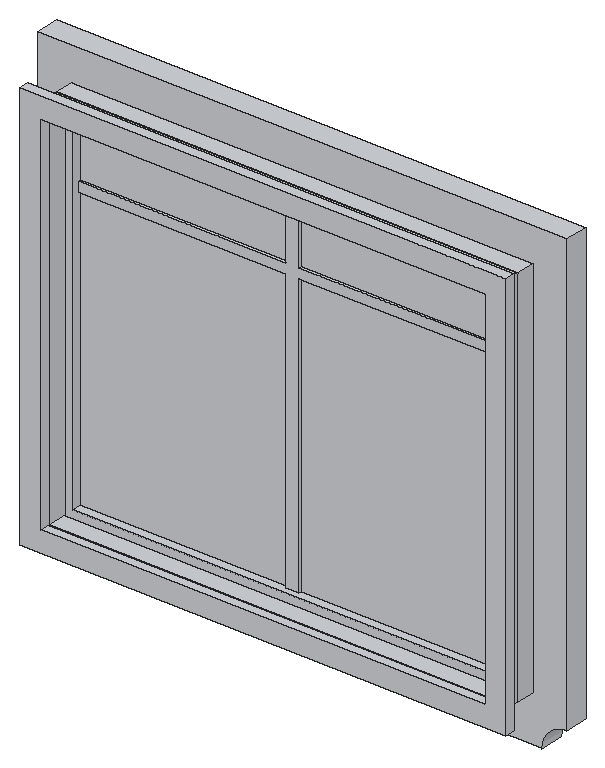
Revit family "Windows", category Windows, host Wall, Revit 2012
Parameters (values of type "(1.80m x 1.50m) Kitchen")
  Architrave = yes
  Single Window = no
  Rough Width = Width  # 1800 mm
  Rough Height = Height + Default Sill Height  # 2400 mm
  Double window = yes
  Glass = none
  Height = 1500 mm
  Frame = none
  Default Sill Height = 900 mm
  Trim Exterior = none
  Trim Interior = none
  Architrave.Exterior = 80 mm
  Architrave.Interior = 40 mm
  Architrave.Width.Exterior = 150 mm
  Architrave.Width.Interior = 80 mm
  Wall Closure = By host
  Width = 1800 mm
  Window Inset = 30 mm
  Case_Height = 1200 mm
Types (4, lengths in mm): name | Single Window | Rough Width | Rough Height | Double window | Height | Default Sill Height | Width | Case_Height
  (0.90m x 1.80m) Single | yes | 900 | 2400 | no | 1800 | 600 | 900 | 1500
  (1.80m x 1.80m) Double | no | 1800 | 2400 | yes | 1800 | 600 | 1800 | 1500
  (0.90m x 0.60m) Bathroom | no | 900 | 2100 | no | 600 | 1500 | 900 | 400
  (1.80m x 1.50m) Kitchen | no | 1800 | 2400 | yes | 1500 | 900 | 1800 | 1200
Reference planes
  plane 1: y = 0
  plane 2: z = 0
  plane 3 "Center": x = 0
  plane 4 "Left": x = -900
  plane 5 "Right": x = 900
  plane 6 "Sill": z = 900
  plane 7 "Top": z = 2400
  plane 8: y = 76.2
  plane 9: y = -76.2
  plane 10: y = 46.2
  plane 11 "Top": z = 2508.025
  plane 12: x = -880.95
  plane 13: x = -868.25
  plane 14: x = -1030.95
  plane 15: x = -948.25
  plane 16: x = 868.25
  plane 17: x = 880.95
  plane 18: x = 948.25
  plane 19: x = 1030.95
  plane 20: z = 2530.95
  plane 21: z = 2448.25
  plane 22: z = 2380.95
  plane 23: z = 2368.25
  plane 24: z = 931.75
  plane 25: z = 851.75
  plane 26 "Closure": y = 28.625
  plane 27: z = 2100
Forms (mm)
  Extrusion 1, solid, material <- "Frame"
    sketch origin (0, 0, 0) x (1, 0, 0) y (0, 0, 1)
      loop
        line (-900, 2400) -> (-900, 900) -> (900, 900) -> (900, 2400) -> (-900, 2400)
      loop
        line (-880.95, 2380.95) -> (-880.95, 919.05) -> (880.95, 919.05) -> (880.95, 2380.95) -> (-880.95, 2380.95)
    from -76.2 to -1.75
  Extrusion 2, solid, material <- "Frame"
    sketch origin (0, 0, 0) x (-1, 0, 0) y (0, 0, 1)
      loop
        line (-900, 2400) -> (-900, 900) -> (900, 900) -> (900, 2400) -> (-900, 2400)
      loop
        line (-868.25, 2368.25) -> (-868.25, 931.75) -> (868.25, 931.75) -> (868.25, 2368.25) -> (-868.25, 2368.25)
    from 1.75 to -76.2
  Extrusion 3, solid, material <- "Frame", visible <- "Single Window"
    sketch origin (0, 28.625, 0) x (-1, 0, 0) y (0, 0, 1)
      loop
        line (-836.5, 2100) -> (-836.5, 2060.5) -> (836.5, 2060.5) -> (836.5, 2100) -> (-836.5, 2100)
    from 0 to 40
  Extrusion 4, solid, material <- "Glass"
    sketch origin (0, 28.625, 0) x (-1, 0, 0) y (0, 0, 1)
      loop
        line (836.5, 2336.5) -> (-836.5, 2336.5) -> (-836.5, 963.5) -> (836.5, 963.5) -> (836.5, 2336.5)
    from 10 to 20
  Extrusion 5, solid, material <- "Trim Exterior", visible <- "Architrave"
    sketch origin (0, 0, 0) x (1, 0, 0) y (0, 0, 1)
      loop
        line (-868.25, 2368.25) -> (-868.25, 931.75) -> (868.25, 931.75) -> (868.25, 2368.25) -> (-868.25, 2368.25)
      loop
        line (-948.25, 2448.25) -> (-948.25, 851.75) -> (948.25, 851.75) -> (948.25, 2448.25) -> (-948.25, 2448.25)
    from 76.2 to 116.2
  Extrusion 6, solid, material <- "Trim Exterior", visible <- "Architrave"
    sketch origin (0, 28.625, 0) x (-1, 0, 0) y (0, 0, 1)
      loop
        line (-880.95, 2380.95) -> (880.95, 2380.95) -> (880.95, 919.05) -> (1030.95, 919.05) -> (1030.95, 2530.95) -> (-1030.95, 2530.95) -> (-1030.95, 919.05) -> (-880.95, 919.05) -> (-880.95, 2380.95)
    from 47.575 to 127.575
  Extrusion 7, solid, material <- "Trim Exterior", visible <- "Architrave"
    sketch origin (0, 28.625, 0) x (-1, 0, 0) y (0, 0, 1)
      loop
        line (-1030.95, 919.05) -> (-1030.95, 813.65)
        arc (-1030.95, 813.65) -> (-963.492, 785.708) -> (-935.55, 718.25) r 95.4
        line (-935.55, 718.25) -> (935.55, 718.25)
        arc (935.55, 718.25) -> (963.492, 785.708) -> (1030.95, 813.65) r 95.4
        line (1030.95, 813.65) -> (1030.95, 919.05) -> (-1030.95, 919.05)
    from 47.575 to 140.275
  Extrusion 8, solid, material <- "Trim Exterior", visible <- "Architrave"
    sketch origin (0, 28.625, 0) x (-1, 0, 0) y (0, 0, 1)
      loop
        line (-1030.95, 2530.95) -> (-1030.95, 919.05) -> (-1005.55, 919.05) -> (-1005.55, 2505.55) -> (1005.55, 2505.55) -> (1005.55, 919.05) -> (1030.95, 919.05) -> (1030.95, 2530.95) -> (-1030.95, 2530.95)
    from 127.6 to 140.3
  Extrusion 9, solid, material <- "Frame", visible <- "Double window"
    sketch origin (0, 28.625, 0) x (-1, 0, 0) y (0, 0, 1)
      loop
        line (25, 963.5) -> (25, 2060.5) -> (836.5, 2060.5) -> (836.5, 2100) -> (25, 2100) -> (25, 2336.5) -> (-25, 2336.5) -> (-25, 2100) -> (-836.5, 2100) -> (-836.5, 2060.5) -> (-25, 2060.5) -> (-25, 963.5) -> (25, 963.5)
    from 0 to 40
  Extrusion 10, solid, material <- "Frame"
    sketch origin (0, 28.625, 0) x (-1, 0, 0) y (0, 0, 1)
      loop
        line (-880.95, 2380.95) -> (-880.95, 919.05) -> (880.95, 919.05) -> (880.95, 2380.95) -> (-880.95, 2380.95)
      loop
        line (-836.5, 963.5) -> (836.5, 963.5) -> (836.5, 2336.5) -> (-836.5, 2336.5) -> (-836.5, 963.5)
    from -26.875 to 47.575
Cuts and joins
  joined: Extrusion 5, Extrusion 6, Extrusion 7, Extrusion 8
Lines and regions (mm)
  Opening 1
    outline origin (-1524, -76.2, 0) x (1, 0, 0) y (0, 0, 1)
      loop
        line (624, 2400) -> (624, 900) -> (2424, 900) -> (2424, 2400) -> (624, 2400)
  Masking region 1, visible <- "Architrave"
    outline origin (0, 0, 0) x (1, 0, 0) y (0, 1, 0)
      loop
        line (-1030.95, 152.4) -> (-1030.95, 76.2) -> (-900, 76.2) -> (-900, -76.2) -> (-948.25, -76.2) -> (-948.25, -116.2) -> (948.25, -116.2) -> (948.25, -76.2) -> (900, -76.2) -> (900, 76.2) -> (1030.95, 76.2) -> (1030.95, 152.4) -> (-1030.95, 152.4)
  symbolic lines, style "WindowsFrameMullionProjection"
    curve 1: line (-900, 76.2, 0) -> (-880.95, 76.2, 0)
    curve 2: line (-880.95, 1.75, 0) -> (-880.95, 76.2, 0)
    curve 3: line (-880.95, 1.75, 0) -> (-868.25, 1.75, 0)
    curve 4: line (-868.25, -76.2, 0) -> (-868.25, 1.75, 0)
    curve 5: line (900, 76.2, 0) -> (880.95, 76.2, 0)
    curve 6: line (868.25, 1.75, 0) -> (868.25, -76.2, 0)
    curve 7: line (868.25, 1.75, 0) -> (880.95, 1.75, 0)
    curve 8: line (880.95, 1.75, 0) -> (880.95, 76.2, 0)
    curve 9: line (-880.95, 46.2, 0) -> (-836.5, 46.2, 0)
    curve 10: line (-880.95, 46.2, 0) -> (-880.95, 1.75, 0)
    curve 11: line (-880.95, 1.75, 0) -> (-836.5, 1.75, 0)
    curve 12: line (-836.5, 46.2, 0) -> (-836.5, 1.75, 0)
    curve 13: line (880.95, 46.2, 0) -> (836.5, 46.2, 0)
    curve 14: line (880.95, 46.2, 0) -> (880.95, 1.75, 0)
    curve 15: line (880.95, 1.75, 0) -> (836.5, 1.75, 0)
    curve 16: line (836.5, 46.2, 0) -> (836.5, 1.75, 0)
    curve 18: line (-868.25, -76.2, 0) -> (-900, -76.2, 0)
    curve 19: line (868.25, -76.2, 0) -> (900, -76.2, 0)
  symbolic lines, style "WindowsGlassProjection"
    curve 17: line (-836.5, 28.575, 0) -> (836.5, 28.575, 0)
  symbolic lines, visible <- "Architrave"
    curve 20: line (-1030.95, 76.2, 0) -> (-1030.95, 152.4, 0)
    curve 21: line (-1030.95, 152.4, 0) -> (1030.95, 152.4, 0)
    curve 22: line (1030.95, 152.4, 0) -> (1030.95, 76.2, 0)
    curve 23: line (-900, 76.2, 0) -> (-900, 152.4, 0)
    curve 24: line (900, 76.2, 0) -> (900, 152.4, 0)
    curve 29: line (-868.25, -76.2, 0) -> (-868.25, -116.2, 0)
    curve 30: line (868.25, -76.2, 0) -> (868.25, -116.2, 0)
  symbolic lines, visible <- "Double window"
    curve 25: line (-25, 46.2, 0) -> (25, 46.2, 0)
    curve 26: line (25, 46.2, 0) -> (25, 1.75, 0)
    curve 27: line (-25, 46.2, 0) -> (-25, 1.75, 0)
    curve 28: line (-25, 1.75, 0) -> (25, 1.75, 0)
Text (mm)
  text "EXTERIOR" at (-1437.207, 772.553, 0), in view "Floor Line"
  text "INTERIOR" at (-1490.695, -608.643, 0), in view "Floor Line"
  text "Exterior" at (0, 1108.87, 3415.022), in view "Left"
  text "Exterior" at (0, 464.664, 3176.206), in view "Right"
Dimensions and locks
  equal spacing: plane 4 "Left", plane 3 "Center", plane 5 "Right"
  "Width": plane 4 "Left" to plane 5 "Right"
  plane 2 to plane 25 to plane 6 "Sill" to plane 7 "Top" to plane 11 "Top" = 851.75 mm, 48.25 mm, 1500 mm, 108.025 mm
  "Window Inset": plane 8 to plane 10
  plane 10 to Extrusion 3 = 17.575 mm
  plane 10 to Extrusion 4 = 7.575 mm
  Extrusion 4 to Extrusion 4 = 10 mm
  "Architrave.Interior": Extrusion 5 to Extrusion 5
  plane 6 "Sill" to Extrusion 3 to plane 11 "Top" = 1160.5 mm, 447.525 mm
  locked: Extrusion 7 to Extrusion 6 at 12.7
  "Architrave.Exterior": Extrusion 6 to Extrusion 6
  locked: plane 4 "Left" to plane 13 at 31.75
  locked: plane 16 to plane 5 "Right" at 31.75
  locked: plane 4 "Left" to plane 12 at 19.05
  locked: plane 17 to plane 5 "Right" at 19.05
  locked: plane 22 to plane 7 "Top" at 19.05
  "Architrave.Width.Exterior": plane 22 to plane 20
  "Architrave.Width.Exterior": plane 17 to plane 19
  "Architrave.Width.Exterior": plane 14 to plane 12
  locked: plane 7 "Top" to plane 23 at 31.75
  locked: plane 24 to plane 6 "Sill" at 31.75
  "Architrave.Width.Interior": plane 21 to plane 23
  "Architrave.Width.Interior": plane 24 to plane 25
  "Architrave.Width.Interior": plane 15 to plane 13
  "Architrave.Width.Interior": plane 16 to plane 18
  "Height": plane 7 "Top" to plane 6 "Sill"
  "Default Sill Height": plane 6 "Sill" to plane 2
  locked: plane 8 to plane 26 "Closure" at 47.575
  "Case_Height": plane 6 "Sill" to plane 27
  aligned and locked: Opening 1 sketch curve to plane 7 "Top"
  aligned and locked: plane 6 "Sill" to Opening 1 sketch curve
  aligned and locked: Opening 1 sketch curve to plane 6 "Sill"
  aligned and locked: plane 5 "Right" to Opening 1 sketch curve
  aligned and locked: plane 4 "Left" to Opening 1 sketch curve
  aligned and locked: plane 9 to host wall
  aligned and locked: host wall to Extrusion 2
  aligned and locked: plane 8 to host wall
  aligned and locked: host wall to Extrusion 1
  aligned and locked: Extrusion 2 to Extrusion 1
  aligned and locked: curve 5 to Extrusion 1  (x2)
  aligned and locked: Extrusion 2 to curve 6
  aligned and locked: curve 4 to Extrusion 2
  aligned and locked: Extrusion 1 to curve 11
  aligned and locked: Extrusion 1 to curve 7
  aligned and locked: Extrusion 5 sketch curve to Extrusion 2  (x4)
  aligned and locked: Extrusion 5 to host wall
  aligned and locked: Extrusion 7 sketch curve to Extrusion 6  (x2)
  aligned and locked: Extrusion 6 to host wall
  aligned and locked: Extrusion 7 to host wall
Automatic sketch dimensions
  curve 20 to plane 14 = 0 mm
  curve 23 to host wall = 0 mm
  curve 23 to plane 4 "Left" = 0 mm
  host wall to curve 18 = 0 mm
  curve 18 to plane 4 "Left" = 0 mm
  curve 11 to plane 12 = 0 mm
  curve 12 to plane 10 = 0 mm
  curve 8 to plane 17 = 0 mm
  host wall to curve 19 = 0 mm
  curve 19 to plane 5 "Right" = 0 mm
  curve 22 to host wall = 0 mm
  curve 22 to plane 19 = 0 mm
  curve 13 to plane 10 = 0 mm
  curve 20 to host wall = 0 mm
  curve 17 to plane 26 "Closure" = 0.05 mm
  curve 17 to plane 13 = 31.75 mm
  host wall to curve 21 = 76.2 mm
  plane 4 "Left" to Extrusion 1 sketch curve = 0 mm
  plane 12 to Extrusion 1 sketch curve = 0 mm
  plane 17 to Extrusion 1 sketch curve = 0 mm
  plane 5 "Right" to Extrusion 1 sketch curve = 0 mm
  Extrusion 1 sketch curve to plane 6 "Sill" = 0 mm
  Extrusion 1 sketch curve to plane 22 = 0 mm
  Extrusion 1 sketch curve to plane 7 "Top" = 0 mm
  plane 24 to Extrusion 1 sketch curve = 12.7 mm
  plane 5 "Right" to Extrusion 2 sketch curve = 0 mm
  plane 16 to Extrusion 2 sketch curve = 0 mm
  plane 13 to Extrusion 2 sketch curve = 0 mm
  plane 4 "Left" to Extrusion 2 sketch curve = 0 mm
  Extrusion 2 sketch curve to plane 6 "Sill" = 0 mm
  Extrusion 2 sketch curve to plane 24 = 0 mm
  Extrusion 2 sketch curve to plane 23 = 0 mm
  Extrusion 2 sketch curve to plane 7 "Top" = 0 mm
  plane 15 to Extrusion 5 sketch curve = 0 mm
  plane 18 to Extrusion 5 sketch curve = 0 mm
  Extrusion 5 sketch curve to plane 25 = 0 mm
  Extrusion 5 sketch curve to plane 21 = 0 mm
  plane 19 to Extrusion 6 sketch curve = 0 mm
  plane 17 to Extrusion 6 sketch curve = 0 mm
  plane 12 to Extrusion 6 sketch curve = 0 mm
  plane 14 to Extrusion 6 sketch curve = 0 mm
  Extrusion 6 sketch curve to plane 22 = 0 mm
  Extrusion 6 sketch curve to plane 20 = 0 mm
  plane 24 to Extrusion 6 sketch curve = 12.7 mm  (x2)
  plane 14 to Extrusion 7 sketch curve = 0 mm
  plane 18 to Extrusion 7 sketch curve = 12.7 mm
  Extrusion 7 sketch curve to plane 15 = 12.7 mm
  plane 25 to Extrusion 7 sketch curve = 38.1 mm
  plane 19 to Extrusion 8 sketch curve = 0 mm
  plane 14 to Extrusion 8 sketch curve = 0 mm
  Extrusion 8 sketch curve to plane 20 = 0 mm
  plane 11 "Top" to Extrusion 8 sketch curve = 2.475 mm
  plane 19 to Extrusion 8 sketch curve = 25.4 mm
  Extrusion 8 sketch curve to plane 14 = 25.4 mm
  plane 24 to Extrusion 8 sketch curve = 12.7 mm  (x2)
  plane 17 to Extrusion 10 sketch curve = 0 mm
  plane 12 to Extrusion 10 sketch curve = 0 mm
  Extrusion 10 sketch curve to plane 22 = 0 mm
  plane 16 to Extrusion 10 sketch curve = 31.75 mm
  Extrusion 10 sketch curve to plane 13 = 31.75 mm
  plane 23 to Extrusion 10 sketch curve = 31.75 mm
  Extrusion 10 sketch curve to plane 24 = 31.75 mm
  plane 24 to Extrusion 10 sketch curve = 12.7 mm
  plane 16 to curve 17 = 31.75 mm
  plane 16 to Extrusion 4 sketch curve = 31.75 mm
  Extrusion 4 sketch curve to plane 13 = 31.75 mm
  Extrusion 4 sketch curve to plane 24 = 31.75 mm
  plane 23 to Extrusion 4 sketch curve = 31.75 mm
  Extrusion 3 sketch curve to plane 27 = 0 mm
  plane 16 to Extrusion 3 sketch curve = 31.75 mm
  Extrusion 3 sketch curve to plane 13 = 31.75 mm
  plane 27 to Extrusion 3 sketch curve = 39.5 mm
  Extrusion 9 sketch curve to plane 27 = 0 mm  (x2)
  plane 16 to Extrusion 9 sketch curve = 31.75 mm
  plane 3 "Center" to Extrusion 9 sketch curve = 25 mm  (x2)
  Extrusion 9 sketch curve to plane 3 "Center" = 25 mm  (x2)
  Extrusion 9 sketch curve to plane 13 = 31.75 mm
  plane 27 to Extrusion 9 sketch curve = 39.5 mm
  Extrusion 9 sketch curve to Extrusion 9 sketch curve = 39.5 mm
  Extrusion 9 sketch curve to plane 24 = 31.75 mm
  plane 23 to Extrusion 9 sketch curve = 31.75 mm
  Masking region 1 sketch curve to host wall = 0 mm  (x2)
  Masking region 1 sketch curve to plane 14 = 0 mm
  Masking region 1 sketch curve to plane 15 = 0 mm
  host wall to Masking region 1 sketch curve = 0 mm  (x2)
  Masking region 1 sketch curve to plane 4 "Left" = 0 mm
  Masking region 1 sketch curve to plane 5 "Right" = 0 mm
  Masking region 1 sketch curve to plane 18 = 0 mm
  Masking region 1 sketch curve to plane 19 = 0 mm
  Masking region 1 sketch curve to Masking region 1 sketch curve = 40 mm
  host wall to Masking region 1 sketch curve = 76.2 mm
  curve 29 to plane 13 = 0 mm
  curve 25 to plane 10 = 0 mm
  curve 30 to plane 16 = 0 mm
  host wall to curve 29 = 0 mm
  host wall to curve 30 = 0 mm
  curve 25 to plane 3 "Center" = 25 mm
  curve 28 to host wall = 1.75 mm
  plane 3 "Center" to curve 28 = 25 mm
  host wall to curve 30 = 40 mm
  host wall to curve 29 = 40 mm
